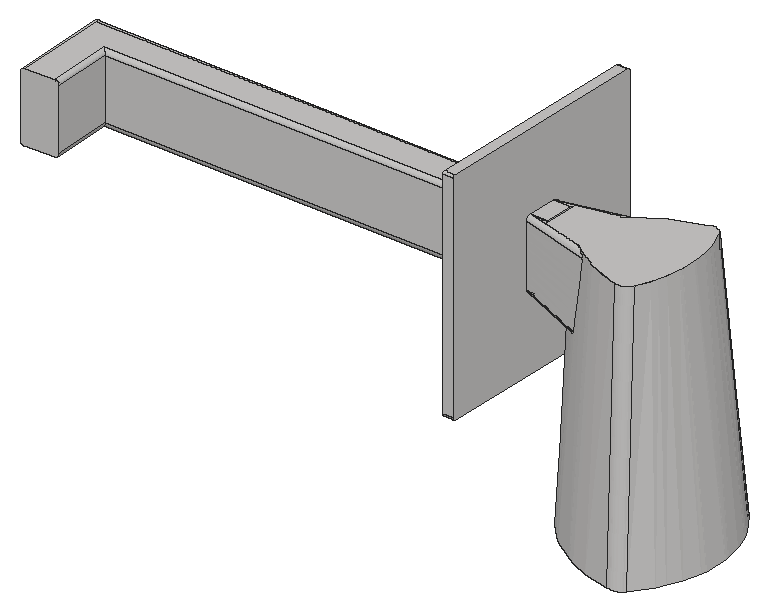
Revit family "FG774505-SUP4732833-Stainless_Steel", category Generic Models, host Face, Revit 2013
Parameters (values of type "FG774505-SUP4732833-Stainless_Steel")
  Unit = Stainless-Steel-Delta
  URL = "www.deltafaucet.com"
  Model = "FG774505"  # constant formula
  Manufacturer = "Delta"  # constant formula
  Description = "FG774505-SUP4732833-Stainless_Steel"
  Default Elevation = 1524.00 mm
Reference planes
  plane 1 "Center (Front/Back)": y = 0
  plane 2: z = 0
  plane 3 "Center (Left/Right)": x = 0
Dimensions and locks
  aligned and locked: plane 2 to host face
  aligned and locked: level to host face
  aligned and locked: nested 1 to plane 3 "Center (Left/Right)"
  aligned and locked: nested 1 to plane 1 "Center (Front/Back)"
  aligned and locked: nested 1 to host face
Nested families
  nested 1: "FG774505-SUP473283" at (0, 0, 0) x (-1, 0, 0) z (0, 0, 1), type "FG774505-SUP473283"
Definition of nested family "FG774505-SUP473283"
  Parameters (values of type "FG77418-SUP413763")
    Unit = none
    URL = "www.deltafaucet.com"
    Model = "FG77418"  # constant formula
    Manufacturer = "Delta"  # constant formula
    Description = "FG77418-SUP413763"
    Default Elevation = 1524.00 mm
  Reference planes
    plane 1 "Center (Front/Back)": y = 0
    plane 2: z = 0
    plane 3 "Center (Left/Right)": x = 0
  Forms (mm)
    Extrusion 1, solid
      sketch origin (0, 0, 0) x (1, 0, 0) y (0, 1, 0)
        loop
          line (-1219.2, 1219.2) -> (-1219.2, -1219.2) -> (1219.2, -1219.2) -> (1219.2, 1219.2) -> (-1219.2, 1219.2)
      from 0 to -304.8
  Dimensions and locks
    aligned and locked: plane 2 to Extrusion 1
    aligned and locked: level to Extrusion 1
    aligned and locked: plane 1 "Center (Front/Back)" to nested 1
    aligned and locked: plane 3 "Center (Left/Right)" to nested 1
    aligned and locked: nested 1 to level
  Nested families
    nested 1: "FG77418" at (0, 0, 0), type "FG77418"
  Definition of nested family "FG77418"
    Parameters (values of type "FG77418")
      Finish = none
    Reference planes
      plane 1 "Center (Front/Back)": y = 0
      plane 2: z = 0
      plane 3 "Center (Left/Right)": x = 0
      plane 4: through (0, 368.198, 229.941) normal (0, -0.7071, 0.7071)
    Forms (mm)
      Blend 1, solid, material <- "Finish"
        base sketch origin (558.8, 0, 0) x (-1, 0, 0) y (0, -1, 0)
          loop
            arc (607.031, -61.197) -> (630.54, -0.043) -> (607.214, 61.181) r 91.653
            arc (607.214, 61.181) -> (601.613, 64.949) -> (594.892, 65.583) r 13.692
            arc (594.892, 65.583) -> (543.197, 45.186) -> (505.178, 4.651) r 126.878
            arc (505.178, 4.651) -> (503.91, 0) -> (505.178, -4.651) r 9.16
            arc (505.178, -4.651) -> (543.133, -45.142) -> (594.738, -65.559) r 126.878
            arc (594.738, -65.559) -> (601.439, -64.938) -> (607.031, -61.197) r 13.672
        top sketch origin (558.8, 0, 0) x (-1, 0, 0) y (0, -1, 0)
          loop
            arc (598.652, -42.544) -> (608.267, 0.015) -> (598.676, 42.58) r 99.124
            arc (598.676, 42.58) -> (593.792, 47.418) -> (586.944, 48.02) r 10.12
            arc (586.944, 48.02) -> (550.237, 32.316) -> (519.57, 6.754) r 137.862
            arc (519.57, 6.754) -> (516.987, 0) -> (519.57, -6.754) r 10.12
            arc (519.57, -6.754) -> (550.204, -32.296) -> (586.868, -48) r 137.862
            arc (586.868, -48) -> (593.745, -47.4) -> (598.652, -42.544) r 10.162
        from 0 to 209.677
      Blend 2, solid, material <- "Finish"
        base sketch origin (558.8, 0, 0) x (0, 1, 0) y (0, 0, -1)
          loop
            arc (35.226, -209.677) -> (39.014, -208.136) -> (40.65, -204.388) r 5.425
            line (40.65, -204.388) -> (42.272, -140.007)
            arc (42.272, -140.007) -> (0, -147.543) -> (-42.272, -140.007) r 122.325
            line (-42.272, -140.007) -> (-40.65, -204.357)
            arc (-40.65, -204.357) -> (-39.005, -208.127) -> (-35.195, -209.677) r 5.457
            line (-35.195, -209.677) -> (35.226, -209.677)
        top sketch origin (558.8, 0, 0) x (0, 1, 0) y (0, 0, -1)
          loop
            arc (15.24, -157.463) -> (14.174, -154.889) -> (11.599, -153.822) r 3.641
            line (11.599, -153.822) -> (-11.569, -153.822)
            arc (-11.569, -153.822) -> (-14.165, -154.898) -> (-15.24, -157.493) r 3.671
            line (-15.24, -157.493) -> (-15.24, -205.997)
            arc (-15.24, -205.997) -> (-14.162, -208.599) -> (-11.56, -209.677) r 3.68
            line (-11.56, -209.677) -> (11.569, -209.677)
            arc (11.569, -209.677) -> (14.165, -208.602) -> (15.24, -206.006) r 3.671
            line (15.24, -206.006) -> (15.24, -157.463)
        from 587.627 to 488.709
      Extrusion 3, void
        sketch origin (558.8, 0, 0) x (-1, 0, 0) y (0, 0, -1)
          loop
            circle (580.663, -9.583) r 6.998
        from 50.945 to 66.282
      Sweep 4, solid, material <- "Finish"
        path origin (0, 0, 0) x (1, 0, 0) y (0, 1, 0)
          loop
            line (55.01, 0) -> (425.691, 0) -> (423.457, 63.968)
        profile origin (240.351, 0, 0) x (0, 1, 0) y (0, 0, 1)
          loop
            line (11.569, 209.677) -> (-11.569, 209.677)
            arc (-11.569, 209.677) -> (-14.165, 208.602) -> (-15.24, 206.006) r 3.671
            line (-15.24, 206.006) -> (-15.24, 157.493)
            arc (-15.24, 157.493) -> (-14.165, 154.898) -> (-11.569, 153.822) r 3.671
            line (-11.569, 153.822) -> (11.573, 153.822)
            arc (11.573, 153.822) -> (14.166, 154.897) -> (15.24, 157.49) r 3.667
            line (15.24, 157.49) -> (15.24, 206.006)
            arc (15.24, 206.006) -> (14.165, 208.602) -> (11.569, 209.677) r 3.671
      Extrusion 5, solid, material <- "Finish"
        sketch origin (0, 0, 0) x (0, 1, 0) y (0, 0, 1)
          loop
            line (-89.363, 268.978) -> (-89.363, 95.397)
            arc (-89.363, 95.397) -> (-88.82, 94.086) -> (-87.51, 93.544) r 1.853
            line (-87.51, 93.544) -> (86.029, 93.544)
            arc (86.029, 93.544) -> (87.463, 94.137) -> (88.056, 95.571) r 2.027
            line (88.056, 95.571) -> (88.056, 268.978)
            arc (88.056, 268.978) -> (87.475, 270.381) -> (86.072, 270.963) r 1.984
            line (86.072, 270.963) -> (-87.378, 270.963)
            arc (-87.378, 270.963) -> (-88.781, 270.381) -> (-89.363, 268.978) r 1.984
        from 70.091 to 78.516
    Cuts and joins
      Extrusion 3 cuts Blend 1
      joined: Blend 1, Blend 2
      joined: Sweep 4, Extrusion 5
